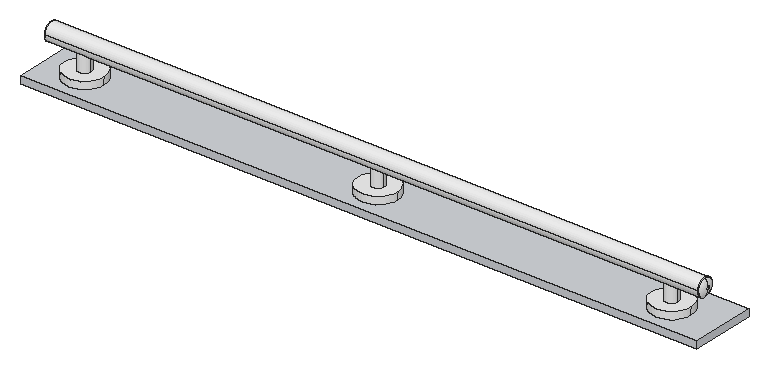
Revit family
Parameters (values of type "Polished Chrome")
  ecoScorecard_data = ""
  ecoScorecard Product Page = ""
  URL = "http://www.totousa.com"
  Toto Version = "V.02"  # constant formula
  Toto BIM Number = "BM-00141"  # constant formula
  Subcategory = "Accessories"  # constant formula
  Shipping Weight = 7.30 lbf
  Series = "Soiree"  # constant formula
  Product URL = "http://www.totousa.com/ProductDetail/tabid/75/Default.aspx?ProductId=ac24a745-d7c8-4ff6-8c81-7a776f51b8c5&SearchId=35621ff2-e9f8-4c8a-8512-51de1fb94e3b"
  Nominal Width = 3' - 11 1/8"  # constant formula
  Nominal Height = 0' - 2.81102"  # constant formula
  Nominal Depth = 0' - 2.75197"  # constant formula
  Model = "YG96042#CP"  # constant formula
  Manufacturer = "TOTO"  # constant formula
  Finish = Metal - TOTO - Chrome - Polished
  Description = "Grab Bar"
  Default Elevation = 3' - 0"
  CADworks URL = "http://www.CADworks.net"
  Assembly Code = "C1030200"
  ADA Compliant = yes
Reference planes (in)
  plane 1 "Center (Front/Back)": y = 0
  plane 2: z = 0
  plane 3 "Center (Left/Right)": x = 0
  plane 4: y = 0.43622
  plane 5: y = -0.43622
  plane 6: z = 0.5
  plane 7: x = -23.5625
  plane 8: x = 23.5625
  plane 9: x = -1.40551
  plane 10: x = 1.40551
  plane 11: y = 1.40551
  plane 12: y = -1.40551
  plane 13: x = -21
  plane 14: x = 21
  plane 15: x = -22.40551
  plane 16: x = -19.59449
  plane 17: x = 22.40551
  plane 18: x = 19.59449
  plane 19: z = 2.75197
  plane 20: z = 1.5
  plane 21: z = 2.12598
Forms (in)
  Extrusion 1, solid
    sketch origin (0, 0, 0) x (1, 0, 0) y (0, 1, 0)
      loop
        line (-23.87254, 2.48723) -> (-23.87254, -2.16342) -> (24.50053, -2.16342) -> (24.50053, 2.48723) -> (-23.87254, 2.48723)
    from 0 to -0.47257
  Extrusion 2, solid, material "Metal - TOTO - Chrome - Polished" <- "Finish"
    sketch origin (8.99133, 0, 0) x (1, 0, 0) y (0, 1, 0)
      loop
        circle (-29.99133, 0) r 1.40551
      loop
        circle (12.00867, 0) r 1.40551
    from 0 to 0.5
  Extrusion 3, solid, material "Metal - TOTO - Chrome - Polished" <- "Finish"
    sketch origin (8.99213, 0, 0) x (1, 0, 0) y (0, 1, 0)
      loop
        circle (-29.99213, 0) r 0.43622
      loop
        circle (12.00787, 0) r 0.43622
    from 0.5 to 2.12598
  Extrusion 4, solid, material "Metal - TOTO - Chrome - Polished" <- "Finish"
    sketch origin (-10.63915, -0.32755, 0) x (0, 1, 0) y (0, 0, 1)
      loop
        circle (0.32755, 2.12598) r 0.62598
    from -12.73831 to 34.01661
  Revolve 5, solid, material "Metal - TOTO - Chrome - Polished" <- "Finish"
    sketch origin (0, 0, 92.27586) x (0, 0, 1) y (1, 0, 0)
      loop
        line (-90.14987, -23.5625) -> (-90.14987, -23.37746) -> (-90.77586, -23.37746)
        arc (-90.77586, -23.37746) -> (-90.54215, -23.51476) -> (-90.27534, -23.5625) r 0.76946
        line (-90.27534, -23.5625) -> (-90.14987, -23.5625)
      loop
        line (-90.14987, 23.5625) -> (-90.27534, 23.5625)
        arc (-90.27534, 23.5625) -> (-90.54215, 23.51476) -> (-90.77586, 23.37746) r 0.76946
        line (-90.77586, 23.37746) -> (-90.14987, 23.37746) -> (-90.14987, 23.5625)
      axis (-90.14987, 23.5625) -> (-90.14987, -23.5625)
    angle from 0 to 360
  Extrusion 6, solid, material "Metal - TOTO - Chrome - Polished" <- "Finish"
    sketch origin (-12.00787, 0, 0) x (1, 0, 0) y (0, 1, 0)
      loop
        circle (12.00787, 0) r 1.40551
    from 0 to 0.5
  Extrusion 7, solid, material "Metal - TOTO - Chrome - Polished" <- "Finish"
    sketch origin (-12.00787, 0, 0) x (1, 0, 0) y (0, 1, 0)
      loop
        circle (12.00787, 0) r 0.43622
    from 0.5 to 2.12598
Cuts and joins
  joined: Extrusion 3, Extrusion 4, Extrusion 7
Lines and regions (in)
  Masking region 1
    outline origin (0, -0.32813, 92.27586) x (0, 0, 1) y (1, 0, 0)
      loop
        line (-89.52389, -23.37746) -> (-89.52389, 23.37746)
        arc (-89.52389, 23.37746) -> (-89.75394, 23.51472) -> (-90.01753, 23.5625) r 0.75097
        line (-90.01753, 23.5625) -> (-90.14987, 23.5625) -> (-90.28222, 23.5625)
        arc (-90.28222, 23.5625) -> (-90.54581, 23.51472) -> (-90.77586, 23.37746) r 0.75097
        line (-90.77586, 23.37746) -> (-90.77586, 21.43622) -> (-91.77586, 21.43622) -> (-91.77586, 22.40551) -> (-92.27586, 22.40551) -> (-92.27586, 19.59449) -> (-91.77586, 19.59449) -> (-91.77586, 20.56378) -> (-90.77586, 20.56378) -> (-90.77586, 0.43622) -> (-91.77586, 0.43622) -> (-91.77586, 1.40551) -> (-92.27586, 1.40551) -> (-92.27586, -1.40551) -> (-91.77586, -1.40551) -> (-91.77586, -0.43622) -> (-90.77586, -0.43622) -> (-90.77586, -20.56378) -> (-91.77586, -20.56378) -> (-91.77586, -19.59449) -> (-92.27586, -19.59449) -> (-92.27586, -22.40551) -> (-91.77586, -22.40551) -> (-91.77586, -21.43622) -> (-90.77586, -21.43622) -> (-90.77586, -23.37746)
        arc (-90.77586, -23.37746) -> (-90.54581, -23.51472) -> (-90.28222, -23.5625) r 0.75097
        line (-90.28222, -23.5625) -> (-90.14987, -23.5625) -> (-90.01753, -23.5625)
        arc (-90.01753, -23.5625) -> (-89.75394, -23.51472) -> (-89.52389, -23.37746) r 0.75097
  symbolic lines, detail levels medium+fine
    curve 1: line (-23.37746, -0.32813, 2.75197) -> (-23.37746, -0.32813, 1.5)
    curve 5: line (23.37746, -0.32813, 2.75197) -> (23.37746, -0.32813, 1.5)
  symbolic lines, detail levels fine
    curve 2: line (-21.43622, -0.32813, 0.5) -> (-20.56378, -0.32813, 0.5)
    curve 3: line (-0.43622, -0.32813, 0.5) -> (0.43622, -0.32813, 0.5)
    curve 4: line (20.55984, -0.32813, 0.5) -> (21.43228, -0.32813, 0.5)
  symbolic lines
    curve 6: arc (-0.43622, -0.32813, 1.5) -> (0, -0.32813, 1.67235) -> (0.43622, -0.32813, 1.5) r 0.6382
    curve 7: arc (-21.43622, -0.32813, 1.5) -> (-21, -0.32813, 1.6765) -> (-20.56378, -0.32813, 1.5) r 0.62732
    curve 8: arc (21.43622, -0.32813, 1.5) -> (21, -0.32813, 1.6765) -> (20.56378, -0.32813, 1.5) r 0.62732
Dimensions and locks (in)
  locked: plane 4 to plane 5 at 0.87244
  equal spacing: plane 4, plane 1 "Center (Front/Back)", plane 5
  locked: plane 1 "Center (Front/Back)" to Extrusion 4 sketch curve at 0
  "Nominal Width": plane 8 to plane 7
  equal spacing: plane 8, plane 3 "Center (Left/Right)", plane 7
  locked: plane 1 "Center (Front/Back)" to Extrusion 2 sketch curve at 0  (x2)
  locked: plane 1 "Center (Front/Back)" to Extrusion 3 sketch curve at 0  (x2)
  locked: plane 1 "Center (Front/Back)" to Extrusion 6 sketch curve at 0
  locked: Extrusion 6 sketch curve to plane 3 "Center (Left/Right)" at 0
  locked: plane 1 "Center (Front/Back)" to Extrusion 7 sketch curve at 0
  locked: Extrusion 7 sketch curve to plane 3 "Center (Left/Right)" at 0
  "Nominal Height": plane 9 to plane 10
  equal spacing: plane 9, plane 3 "Center (Left/Right)", plane 10
  "Nominal Height": plane 11 to plane 12
  equal spacing: plane 11, plane 1 "Center (Front/Back)", plane 12
  locked: plane 13 to plane 14 at 42
  equal spacing: plane 13, plane 3 "Center (Left/Right)", plane 14
  locked: Extrusion 2 sketch curve to plane 13 at 0
  locked: Extrusion 3 sketch curve to plane 13 at 0
  locked: plane 14 to Extrusion 2 sketch curve at 0
  locked: plane 14 to Extrusion 3 sketch curve at 0
  locked: plane 18 to plane 16 at 39.18898
  equal spacing: plane 18, plane 3 "Center (Left/Right)", plane 16
  locked: plane 17 to plane 15 at 44.81102
  equal spacing: plane 15, plane 3 "Center (Left/Right)", plane 17
  locked: Revolve 5 sketch curve to plane 20 at 0  (x2)
  locked: plane 8 to Revolve 5 sketch curve at 0
  locked: Revolve 5 sketch curve to plane 21 at 0  (x2)
  locked: Revolve 5 sketch curve to Revolve 5 sketch curve at 0.12546
  locked: Revolve 5 sketch curve to plane 21 at 0.12546
  locked: plane 7 to Revolve 5 sketch curve at 0.18504
  locked: plane 17 to Revolve 5 sketch curve at 0.38753
  locked: Revolve 5 sketch curve to Revolve 5 sketch curve at 0.11919
  locked: Revolve 5 sketch curve to plane 8 at 0.2853
  locked: Masking region 1 sketch curve to level at 0  (x3)
  locked: Masking region 1 sketch curve to plane 6 at 0  (x6)
  locked: Masking region 1 sketch curve to plane 20 at 0  (x4)
  locked: Masking region 1 sketch curve to plane 7 at 0
  locked: plane 8 to Masking region 1 sketch curve at 0
  locked: Masking region 1 sketch curve to plane 21 at 0  (x2)
  locked: Masking region 1 sketch curve to plane 19 at 0
  locked: plane 15 to Masking region 1 sketch curve at 0
  locked: Masking region 1 sketch curve to plane 16 at 0
  locked: plane 9 to Masking region 1 sketch curve at 0
  locked: plane 10 to Masking region 1 sketch curve at 0
  locked: plane 18 to Masking region 1 sketch curve at 0
  locked: Masking region 1 sketch curve to plane 17 at 0
  locked: Masking region 1 sketch curve to Masking region 1 sketch curve at 0.13235  (x2)
  locked: plane 21 to Masking region 1 sketch curve at 0.13235  (x2)
  locked: plane 13 to Masking region 1 sketch curve at 0.43622
  locked: Masking region 1 sketch curve to plane 13 at 0.43622
  locked: Masking region 1 sketch curve to plane 3 "Center (Left/Right)" at 0.43622
  locked: plane 3 "Center (Left/Right)" to Masking region 1 sketch curve at 0.43622
  locked: Masking region 1 sketch curve to plane 14 at 0.43622
  locked: plane 14 to Masking region 1 sketch curve at 0.43622
  locked: plane 17 to Masking region 1 sketch curve at 0.40602
  locked: Masking region 1 sketch curve to Masking region 1 sketch curve at 0
  aligned and locked: plane 2 to Extrusion 1
  aligned and locked: level to Extrusion 1
  aligned and locked: Extrusion 2 to plane 2
  aligned and locked: plane 6 to Extrusion 2
  aligned and locked: cut or joined group of Extrusion 3, Extrusion 4, Extrusion 7 to plane 6  (x2)
  aligned: plane 1 "Center (Front/Back)" to Revolve 5
  aligned and locked: curve 1 to cut or joined group of Extrusion 3, Extrusion 4, Extrusion 7
  aligned and locked: curve 2 to plane 6
  aligned and locked: curve 3 to plane 6
  aligned and locked: Revolve 5 sketch curve to plane 21
  aligned and locked: Revolve 5 sketch curve to plane 7
  aligned and locked: curve 5 to cut or joined group of Extrusion 3, Extrusion 4, Extrusion 7
  aligned and locked: cut or joined group of Extrusion 3, Extrusion 4, Extrusion 7 to Revolve 5  (x2)
  aligned and locked: Masking region 1 sketch curve to cut or joined group of Extrusion 3, Extrusion 4, Extrusion 7
  aligned and locked: cut or joined group of Extrusion 3, Extrusion 4, Extrusion 7 to Masking region 1 sketch curve
  aligned and locked: plane 20 to curve 7  (x2)
  aligned and locked: Masking region 1 to curve 7
  aligned and locked: plane 20 to curve 6  (x2)
  aligned and locked: Masking region 1 to curve 6
  aligned and locked: curve 6 to Masking region 1
  aligned and locked: plane 20 to curve 8  (x2)
  aligned and locked: Masking region 1 to curve 8
  aligned and locked: curve 8 to Masking region 1
Automatic sketch dimensions
  Extrusion 1 sketch curve to Extrusion 1 sketch curve = 4' - 0.37307"
  Extrusion 1 sketch curve to Extrusion 1 sketch curve = 0' - 4.65065"
  Extrusion 4 sketch curve to plane 21 = 0' - 0"
  curve 4 to plane 6 = 0' - 0"
  plane 13 to curve 7 = 0' - 0"
  curve 5 to plane 20 = 0' - 0"
  curve 1 to plane 20 = 0' - 0"
  curve 1 to plane 19 = 0' - 0"
  curve 5 to plane 19 = 0' - 0"
  curve 6 to plane 20 = 0' - 0.46585"
  curve 8 to plane 20 = 0' - 0.45082"
  curve 7 to plane 20 = 0' - 0.45082"
  plane 7 to curve 1 = 0' - 0.18504"
  plane 13 to curve 2 = 0' - 0.43622"
  curve 2 to plane 13 = 0' - 0.43622"
  curve 3 to plane 3 "Center (Left/Right)" = 0' - 0.43622"
  plane 3 "Center (Left/Right)" to curve 3 = 0' - 0.43622"
  curve 4 to plane 14 = 0' - 0.44016"
  plane 14 to curve 4 = 0' - 0.43228"
  radius of Extrusion 2 sketch curve = 0' - 1.40551"  (x2)
  radius of Extrusion 3 sketch curve = 0' - 0.43622"  (x2)
  radius of Extrusion 6 sketch curve = 0' - 1.40551"
  radius of Extrusion 7 sketch curve = 0' - 0.43622"
  radius of Extrusion 4 sketch curve = 0' - 0.62598"
